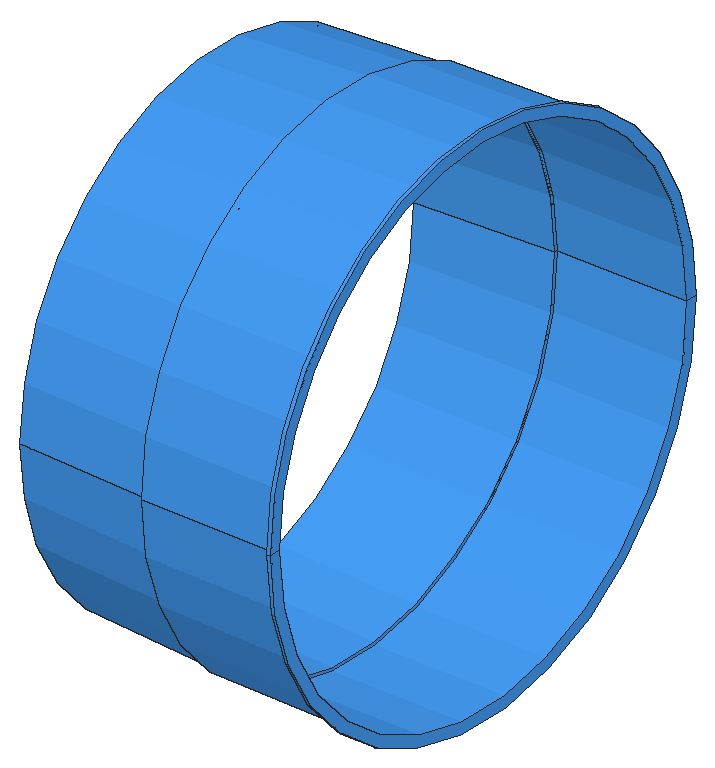
Revit family "150-EXTENSION REV 0", category Pipe Accessories, Revit 2023
Family settings
  Round Connector Dimension = Use Diameter
  Part Type = Breaks Into
  Work Plane-Based = No
  Always vertical = No
  Cut with Voids When Loaded = No
  Shared = No
Parameters
  URL = "http://www.suresnap.co.uk/"
  Model = "150-EXTENSION"
  Manufacturer = "Sure Snap Fire Collars UK"
  Description = "SURE SNAP 150 Extension"
  Default Elevation = 0 mm
  Cut Depth Offset [instance] = Cut Depth + 1 mm  # 1 mm
  Cut Depth [instance] = 0 mm
Reference planes
  plane 1 "Center (Front/Back)": y = 0
  plane 2: z = 0
  plane 3 "Center (Left/Right)": x = -99.679
  plane 4: x = -99.679
  plane 5: x = -99.679
  plane 6: x = -99.679
Forms (mm)
  Extrusion 1, solid, material "PVC-Blue", not visible, detail levels fine
    sketch origin (0, 0, 0) x (1, 0, 0) y (0, 0, 1)
      loop
        line (-80, 60.418) -> (-227.967, 86.048) -> (-227.967, 69.12) -> (-80, 60.418)
    from -1.5 to 1.5
  Extrusion 2, solid, material "PVC-Blue", not visible, detail levels fine
    sketch origin (0, 0, 0) x (1, 0, 0) y (0, -0.5, 0.866025)
      loop
        line (-80, 60.418) -> (-227.967, 86.048) -> (-227.967, 69.12) -> (-80, 60.418)
    from -1.5 to 1.5
  Extrusion 3, solid, material "PVC-Blue", not visible, detail levels fine
    sketch origin (0, 0, 0) x (1, 0, 0) y (0, -0.866025, 0.5)
      loop
        line (-80, 60.418) -> (-227.967, 86.048) -> (-227.967, 69.12) -> (-80, 60.418)
    from -1.5 to 1.5
  Extrusion 4, solid, material "PVC-Blue", not visible, detail levels fine
    sketch origin (0, 0, 0) x (0, -1, 0) y (-1, 0, 0)
      loop
        line (60.418, 80) -> (86.048, 227.967) -> (69.12, 227.967) -> (60.418, 80)
    from -1.5 to 1.5
  Extrusion 5, solid, material "PVC-Blue", not visible, detail levels fine
    sketch origin (0, 0, 0) x (1, 0, 0) y (0, -0.866025, -0.5)
      loop
        line (-80, 60.418) -> (-227.967, 86.048) -> (-227.967, 69.12) -> (-80, 60.418)
    from -1.5 to 1.5
  Extrusion 6, solid, material "PVC-Blue", not visible, detail levels fine
    sketch origin (0, 0, 0) x (1, 0, 0) y (0, -0.5, -0.866025)
      loop
        line (-80, 60.418) -> (-227.967, 86.048) -> (-227.967, 69.12) -> (-80, 60.418)
    from -1.5 to 1.5
  Extrusion 7, solid, material "PVC-Blue", not visible, detail levels fine
    sketch origin (0, 0, 0) x (1, 0, 0) y (0, 0, -1)
      loop
        line (-80, 60.418) -> (-227.967, 86.048) -> (-227.967, 69.12) -> (-80, 60.418)
    from -1.5 to 1.5
  Extrusion 8, solid, material "PVC-Blue", not visible, detail levels fine
    sketch origin (0, 0, 0) x (1, 0, 0) y (0, 0.5, -0.866025)
      loop
        line (-80, 60.418) -> (-227.967, 86.048) -> (-227.967, 69.12) -> (-80, 60.418)
    from -1.5 to 1.5
  Extrusion 9, solid, material "PVC-Blue", not visible, detail levels fine
    sketch origin (0, 0, 0) x (1, 0, 0) y (0, 0.866025, -0.5)
      loop
        line (-80, 60.418) -> (-227.967, 86.048) -> (-227.967, 69.12) -> (-80, 60.418)
    from -1.5 to 1.5
  Extrusion 10, solid, material "PVC-Blue", not visible, detail levels fine
    sketch origin (0, 0, 0) x (1, 0, 0) y (0, 1, 0)
      loop
        line (-80, 60.418) -> (-227.967, 86.048) -> (-227.967, 69.12) -> (-80, 60.418)
    from -1.5 to 1.5
  Extrusion 11, solid, material "PVC-Blue", not visible, detail levels fine
    sketch origin (0, 0, 0) x (1, 0, 0) y (0, 0.866025, 0.5)
      loop
        line (-80, 60.418) -> (-227.967, 86.048) -> (-227.967, 69.12) -> (-80, 60.418)
    from -1.5 to 1.5
  Extrusion 12, solid, material "PVC-Blue", not visible, detail levels fine
    sketch origin (0, 0, 0) x (1, 0, 0) y (0, 0.5, 0.866025)
      loop
        line (-80, 60.418) -> (-227.967, 86.048) -> (-227.967, 69.12) -> (-80, 60.418)
    from -1.5 to 1.5
  Extrusion 13, solid, material "PVC-Blue", not visible, detail levels medium+fine
    sketch origin (0, 0, 0) x (1, 0, 0) y (0, 0, 1)
      loop
        line (-227.967, 58.439) -> (-140.967, 58.439) -> (-140.967, 77.244)
        arc (-140.967, 77.244) -> (-148.679, 90.01) -> (-162.316, 96.048) r 24.811
        line (-162.316, 96.048) -> (-227.967, 96.048) -> (-227.967, 58.439)
    from -12 to 12
  Extrusion 14, solid, material "PVC-Blue", not visible, detail levels fine
    sketch origin (0, 0, 0) x (1, 0, 0) y (0, 0, 1)
      loop
        line (-227.967, 102.871) -> (-227.967, 96.048) -> (-162.316, 96.048) -> (-227.967, 102.871)
    from -2 to 2
  Extrusion 15, solid, material "PVC-Blue", not visible, detail levels fine
    sketch origin (0, 0, 0) x (1, 0, 0) y (0, 0, 1)
      loop
        circle (-157.362, 79.878) r 1.5
    from -30 to 30
  Extrusion 16, solid, material "PVC-Blue", not visible, detail levels medium+fine
    sketch origin (0, 0.061, 0.083) x (1, 0, 0) y (0, -0.707107, 0.707107)
      loop
        line (-227.967, 58.439) -> (-140.967, 58.439) -> (-140.967, 77.244)
        arc (-140.967, 77.244) -> (-148.679, 90.01) -> (-162.316, 96.048) r 24.811
        line (-162.316, 96.048) -> (-227.967, 96.048) -> (-227.967, 58.439)
    from -12 to 12
  Extrusion 17, solid, material "PVC-Blue", not visible, detail levels fine
    sketch origin (0, 0.061, 0.083) x (1, 0, 0) y (0, -0.707107, 0.707107)
      loop
        line (-227.967, 102.871) -> (-227.967, 96.048) -> (-162.316, 96.048) -> (-227.967, 102.871)
    from -2 to 2
  Extrusion 18, solid, material "PVC-Blue", not visible, detail levels fine
    sketch origin (0, 0.018, 0.04) x (1, 0, 0) y (0, -0.707107, 0.707107)
      loop
        circle (-157.362, 79.878) r 1.5
    from -30 to 30
  Extrusion 19, solid, material "PVC-Blue", not visible, detail levels fine
    sketch origin (0, -0.061, 0) x (1, 0, 0) y (0, 0, 1)
      loop
        line (-227.967, 92.766) -> (-227.967, 67.973) -> (-80, 67.973) -> (-227.967, 92.766)
    from -1.5 to 1.5
  Extrusion 20, solid, material "PVC-Blue", not visible
    sketch origin (-227.967, 0, 0) x (0, -1, 0) y (0, 0, -1)
      loop
        circle (37.79, -92.766) r 6
      loop
        circle (37.79, -92.766) r 3.5
    from 0 to 10
  Extrusion 21, solid, material "PVC-Blue", not visible
    sketch origin (-227.967, 0, 0) x (0, 1, 0) y (0, 0, 1)
      loop
        circle (37.79, 92.766) r 6
      loop
        circle (37.79, 92.766) r 3.5
    from 0 to 10
  Revolve 22, solid, material "PVC-Blue"
    sketch origin (-79.701, -2.508, 0) x (-1, 0, 0) y (0, -1, 0)
      loop
        line (80, -90.572) -> (30, -93.28) -> (30, -94.28) -> (-18, -94.28) -> (-18, -98.28) -> (-16.7, -98.28) -> (-16.7, -96.276) -> (32, -95.4) -> (32, -94.3) -> (80, -91.7) -> (80, -90.572)
      axis (80, 0) -> (-18, 0)
    angle from 0 to 360
Dimensions and locks
  plane 4 to plane 3 "Center (Left/Right)" = 0 mm
  Extrusion 1 sketch curve to Extrusion 1 sketch curve = 0 mm
  Extrusion 2 sketch curve to Extrusion 2 sketch curve = 0 mm
  Extrusion 3 sketch curve to Extrusion 3 sketch curve = 0 mm
  Extrusion 4 sketch curve to Extrusion 4 sketch curve = 0 mm
  Extrusion 5 sketch curve to Extrusion 5 sketch curve = 0 mm
  Extrusion 6 sketch curve to Extrusion 6 sketch curve = 0 mm
  Extrusion 7 sketch curve to Extrusion 7 sketch curve = 0 mm
  Extrusion 8 sketch curve to Extrusion 8 sketch curve = 0 mm
  Extrusion 9 sketch curve to Extrusion 9 sketch curve = 0 mm
  Extrusion 10 sketch curve to Extrusion 10 sketch curve = 0 mm
  Extrusion 11 sketch curve to Extrusion 11 sketch curve = 0 mm
  Extrusion 12 sketch curve to Extrusion 12 sketch curve = 0 mm
  aligned and locked: level to plane 2
Connectors
  piping at (-99.679, 0, 0), diameter 150
    settings: on plane 6, index 4, connector inside diameter 609.6 mm, connector length 0 mm, flow factor 0, pipe flow 0.0 L/s, pressure drop 0.0 Pa, fitting loss kfactor 0, connector angle 0.00°, fixture units 0, engagement length 0 mm, angle of deflection 0.00°, flow configuration 0, flow direction 0, fitting loss method 0, system type 7, joint type 0, gender type 0, connector reference index -1, connector utility 0, adjustable connector no, is connector primary yes, connector description ""
  piping at (-99.679, 0, 0), diameter 150
    settings: on plane 5, index 5, connector inside diameter 609.6 mm, connector length 0 mm, flow factor 0, pipe flow 0.0 L/s, pressure drop 0.0 Pa, fitting loss kfactor 0, connector angle 0.00°, fixture units 0, engagement length 0 mm, angle of deflection 0.00°, flow configuration 0, flow direction 0, fitting loss method 0, system type 7, joint type 0, gender type 0, connector reference index -1, connector utility 0, adjustable connector no, is connector primary no, connector description ""
